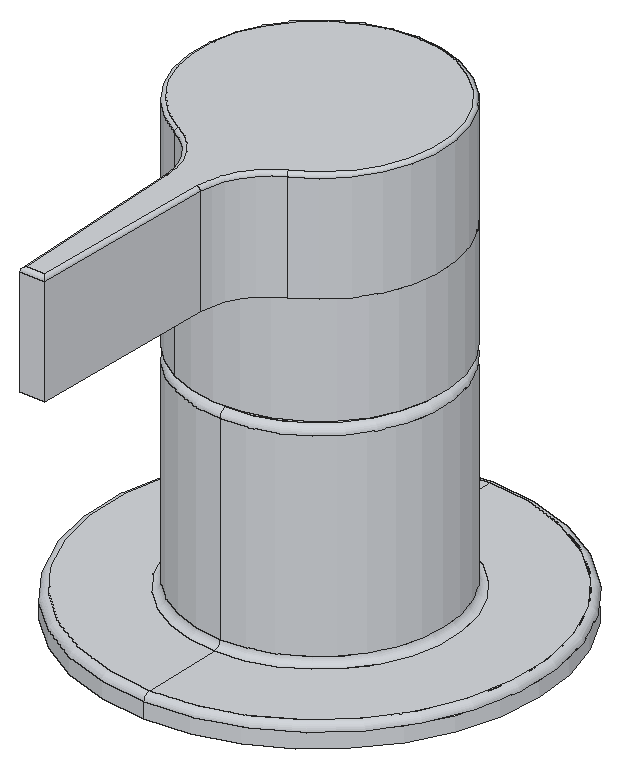
Revit family "Shower-Valve_Trim-KOHLER-TAUT-K-T97098BR", category Specialty Equipment, host Face, Revit 2021
Family settings
  Host = Face
  Round Connector Dimension = Use Diameter
  Part Type = Normal
  OmniClass Number = 23.31.25.00
  OmniClass Title = Toilet and Bath Specialties
  Cut with Voids When Loaded = No
  Shared = No
  Room Calculation Point = No
Parameters (values of type "CP-Polished Chorme")
  Width = 2 93/256"  # constant formula
  WaterSense Certified = 1 = 0  # no
  URL = "https://br.kohler.com/"
  Type = 1
  Product Page URL = ""
  Product Name = "TAUT"  # constant formula
  Product Documentation Link = ""
  Model = if(Type = 1, "K-T97098BR-4-CP", if(Type = 2, "K-T97098BR-4-BN", if(Type = 3, "K-T97098BR-4-BL", if(Type = 4, "K-939BR-G-RGD", if(Type = 5, "K-939BR-G-2MB", "NA")))))  # "K-T97098BR-4-CP"
  Material = "Premium Metal Construction"  # constant formula
  Master Format 2014 Name = "Toilet, Bath, and Laundry Accessories"  # constant formula
  Master Format 2014 = "10 28 00"  # constant formula
  Manufacturer Address = "Taut Shut Off / Gate Valve Trim"  # constant formula
  Manufacturer = "Kohler Co."  # constant formula
  Length = 2 123/256"  # constant formula
  Height = 2.3622"  # constant formula
  Handle Clearance = 1.92913"  # constant formula
  Finish = Kohler-Metal-CP-Polished_Chrome
  Environmental Product Declaration = ""
  Description = "Finish for pressure/drawer records"  # constant formula
  Default Elevation = 42"
  Declare Label = ""
  Date Modified = "12/20/2024"  # constant formula
  Date Created = "1/22/2021"  # constant formula
  Copyright = "Copyright Kohler Co."  # constant formula
  Contact Us = "https://br.kohler.com/asr-listing"
  Assembly Code = "C1030200"
  ADA Compliant = 1 = 0  # no
Types (6): name | Type | Model | Finish
  (no name) | 1 | "K-T97098BR-4-CP" | Kohler-Metal-CP-Polished_Chrome
  CP-Polished Chorme | 1 | "K-T97098BR-4-CP" | Kohler-Metal-CP-Polished_Chrome
  2MB-Vibrant Brushed Moderne Brass | 5 | "K-939BR-G-2MB" | Kohler-Metal-2MB-Vibrant_Brushed_Moderne_Brass
  BN-Vibrant Brushed Nickel | 2 | "K-T97098BR-4-BN" | Kohler-Metal-BN-Vibrant_Brushed_Nickel
  BL-Matte Black | 3 | "K-T97098BR-4-BL" | Kohler-Metal-BL-Matte_Black
  RGD-Polished Rose Gold | 4 | "K-939BR-G-RGD" | Kohler-Metal-RGD-Polished_Rose_Gold
Reference planes (in)
  plane 1 "Center (Front/Back)": y = 0
  plane 2: z = 0
  plane 3 "Center (Left/Right)": x = 0
  plane 4: x = 1.1811
  plane 5: x = -1.18218
  plane 6: y = 1.18024
  plane 7: y = -1.18196
  plane 8: y = -1.92913
  plane 9: z = 2.48047
  plane 10: z = 0.11811
Dimensions and locks (in)
  "Width": plane 5 to plane 4
  "Height": plane 7 to plane 6
  "Length": level to plane 9
  "Handle Clearance": plane 1 "Center (Front/Back)" to plane 8
  aligned and locked: plane 2 to host face
  aligned and locked: level to host face
Automatic sketch dimensions
  host sketch curve to host sketch curve = 96"  (x2)
Nested families (in)
  nested 1: "K-T97098BR" at (0, 0, 0), type "K-T97098BR"
Definition of nested family "K-T97098BR"
  Parameters (values of type "K-T97098BR")
    Material = none
    Default Elevation = 0"
  Reference planes (in)
    plane 1 "Center (Front/Back)": y = 0
    plane 2: z = 0
    plane 3 "Center (Left/Right)": x = 0
    plane 4: x = -1.1811
    plane 5: x = 1.1811
    plane 6: y = 1.1811
    plane 7: y = -1.1811
    plane 8: y = -1.92913
    plane 9: z = 2.48031
    plane 10: y = 0.66923
  Forms (in)
    Revolve 1, solid, material <- "Material", detail levels medium+fine
      sketch origin (0, 0, 0) x (0, 1, 0) y (0, 0, 1)
        loop
          line (0, 0) -> (1.1811, 0) -> (1.1811, 0.07874)
          arc (1.1811, 0.07874) -> (1.16957, 0.10658) -> (1.14173, 0.11811) r 0.03937
          line (1.14173, 0.11811) -> (0.7086, 0.11811)
          arc (0.7086, 0.11811) -> (0.68076, 0.12964) -> (0.66923, 0.15748) r 0.03937
          line (0.66923, 0.15748) -> (0.66923, 1.22047)
          arc (0.66923, 1.22047) -> (0.6577, 1.24831) -> (0.62986, 1.25984) r 0.03937
          line (0.62986, 1.25984) -> (0.59049, 1.25984) -> (0.59049, 1.29102) -> (0, 1.29102) -> (0, 0)
        axis (0, 1.29102) -> (0, 0)
      angle from 0 to 360
    Extrusion 2, solid, material <- "Material", detail levels medium+fine
      sketch origin (0, 0, 0) x (1, 0, 0) y (0, 1, 0)
        loop
          line (-0.0176, -1.87992) -> (0.0176, -1.87992) -> (0.04481, -0.92397)
          arc (0.04481, -0.92397) -> (0.11165, -0.70489) -> (0.28089, -0.55053) r 0.43307
          arc (0.28089, -0.55053) -> (0, 0.61805) -> (-0.28089, -0.55053) r 0.61805
          arc (-0.28089, -0.55053) -> (-0.11165, -0.70489) -> (-0.04481, -0.92397) r 0.43307
          line (-0.04481, -0.92397) -> (-0.0176, -1.87992)
      from 1.88043 to 2.48031
    Sweep 3, solid, material <- "Material", detail levels medium+fine
      path in 3D
        loop
          arc (0.28089, -0.55053, 2.48031) -> (0.11165, -0.70489, 2.48031) -> (0.04481, -0.92397, 2.48031) r 0.43307
          line (0.04481, -0.92397, 2.48031) -> (0.0176, -1.87992, 2.48031) -> (-0.0176, -1.87992, 2.48031) -> (-0.04481, -0.92397, 2.48031)
          arc (-0.04481, -0.92397, 2.48031) -> (-0.11165, -0.70489, 2.48031) -> (-0.28089, -0.55053, 2.48031) r 0.43307
          arc (-0.28089, -0.55053, 2.48031) -> (0, 0.61805, 2.48031) -> (0.28089, -0.55053, 2.48031) r 0.61805
      profile origin (0, 0.61805, 2.48031) x (0, 1, 0) y (0, 0, 1)
        loop
          line (0, 0) -> (0, -0.59988) -> (0.05118, -0.59988) -> (0.05118, -0.02008)
          arc (0.05118, -0.02008) -> (0.0453, -0.00588) -> (0.0311, 0) r 0.02008
          line (0.0311, 0) -> (0, 0)
    Revolve 4, solid, detail levels medium+fine
      sketch origin (0, 0, 0) x (0, 1, 0) y (0, 0, 1)
        loop
          line (0.67295, 1.79024) -> (0.67295, 1.91973)
          arc (0.67295, 1.91973) -> (0.66668, 1.93487) -> (0.65155, 1.94113) r 0.0214
          line (0.65155, 1.94113) -> (0.59972, 1.94113) -> (0.59972, 1.79024) -> (0.67295, 1.79024)
        axis (0.59972, 1.79024) -> (0.67295, 1.79024)
      angle from 0 to 360
    Extrusion 5, solid, material <- "Material", detail levels medium+fine
      sketch origin (0, 0, 0) x (1, 0, 0) y (0, 1, 0)
        loop
          circle (0, 0) r 0.66923
      from 1.29102 to 1.88043
    Revolve 6, solid, material <- "Material", detail levels coarse
      sketch origin (0, 0, 0) x (0, 1, 0) y (0, 0, 1)
        loop
          line (0, 0) -> (0, 0.11811) -> (0, 2.48031) -> (-0.67174, 2.48031) -> (-0.67174, 0.11811) -> (-1.1811, 0.11811) -> (-1.1811, 0) -> (0, 0)
        axis (0, 0) -> (0, 2.48031)
      angle from 0 to 360
    Extrusion 7, solid, material <- "Material", detail levels coarse
      sketch origin (0, 0, 0) x (0, 1, 0) y (0, 0, 1)
        loop
          line (-1.9311, 1.88043) -> (-0.13065, 1.88043) -> (-0.13065, 2.48031) -> (-1.9311, 2.48031) -> (-1.9311, 1.88043)
      from -0.11811 to 0.11811
  Cuts and joins
    joined: Revolve 1, Extrusion 2, Sweep 3, Extrusion 5
    joined: Revolve 6, Extrusion 7
  Lines and regions (in)
    Masking region 1
      outline origin (0, 0, 0) x (1, 0, 0) y (0, 1, 0)
        loop
          arc (0.08879, -1.17776) -> (0, 1.1811) -> (-0.08879, -1.17776) r 1.1811
          line (-0.08879, -1.17776) -> (-0.06805, -1.90618)
          arc (-0.06805, -1.90618) -> (-0.06091, -1.92245) -> (-0.04444, -1.92913) r 0.02362
          line (-0.04444, -1.92913) -> (0.04554, -1.92913)
          arc (0.04554, -1.92913) -> (0.06122, -1.92277) -> (0.06802, -1.90728) r 0.02249
          line (0.06802, -1.90728) -> (0.08879, -1.17776)
    Masking region 2
      outline origin (0, 0, 0) x (1, 0, 0) y (0, 0, 1)
        loop
          line (-0.7086, 0.11811) -> (-1.14173, 0.11811)
          arc (-1.14173, 0.11811) -> (-1.16957, 0.10658) -> (-1.1811, 0.07874) r 0.03937
          line (-1.1811, 0.07874) -> (-1.1811, 0) -> (1.1811, 0) -> (1.1811, 0.07874)
          arc (1.1811, 0.07874) -> (1.16957, 0.10658) -> (1.14173, 0.11811) r 0.03937
          line (1.14173, 0.11811) -> (0.7086, 0.11811)
          arc (0.7086, 0.11811) -> (0.68076, 0.12964) -> (0.66923, 0.15748) r 0.03937
          line (0.66923, 0.15748) -> (0.66923, 1.22047)
          arc (0.66923, 1.22047) -> (0.6577, 1.24831) -> (0.62986, 1.25984) r 0.03937
          line (0.62986, 1.25984) -> (0.59049, 1.25984) -> (0.59049, 1.29102) -> (0.66923, 1.29102) -> (0.66923, 2.45669)
          arc (0.66923, 2.45669) -> (0.66231, 2.4734) -> (0.64561, 2.48031) r 0.02362
          line (0.64561, 2.48031) -> (-0.64561, 2.48031)
          arc (-0.64561, 2.48031) -> (-0.66231, 2.4734) -> (-0.66923, 2.45669) r 0.02362
          line (-0.66923, 2.45669) -> (-0.66923, 1.29102) -> (-0.59049, 1.29102) -> (-0.59049, 1.25984) -> (-0.62986, 1.25984)
          arc (-0.62986, 1.25984) -> (-0.6577, 1.24831) -> (-0.66923, 1.22047) r 0.03937
          line (-0.66923, 1.22047) -> (-0.66923, 0.15748)
          arc (-0.66923, 0.15748) -> (-0.68076, 0.12964) -> (-0.7086, 0.11811) r 0.03937
    Masking region 3
      outline origin (0, 0, 0) x (0, 1, 0) y (0, 0, 1)
        loop
          arc (0.7086, 0.11811) -> (0.68076, 0.12964) -> (0.66923, 0.15748) r 0.03937
          line (0.66923, 0.15748) -> (0.66923, 1.22047)
          arc (0.66923, 1.22047) -> (0.6577, 1.24831) -> (0.62986, 1.25984) r 0.03937
          line (0.62986, 1.25984) -> (0.59049, 1.25984) -> (0.59049, 1.29102) -> (0.66923, 1.29102) -> (0.66923, 1.62923)
          arc (0.66923, 1.62923) -> (0.67202, 1.64462) -> (0.67296, 1.66024) r 0.13084
          line (0.67296, 1.66024) -> (0.67296, 1.91957)
          arc (0.67296, 1.91957) -> (0.67202, 1.93676) -> (0.66923, 1.95376) r 0.15863
          line (0.66923, 1.95376) -> (0.66923, 2.46024)
          arc (0.66923, 2.46024) -> (0.66335, 2.47443) -> (0.64915, 2.48031) r 0.02008
          line (0.64915, 2.48031) -> (-1.90906, 2.48031)
          arc (-1.90906, 2.48031) -> (-1.92325, 2.47443) -> (-1.92913, 2.46024) r 0.02008
          line (-1.92913, 2.46024) -> (-1.92913, 1.8804) -> (-0.70414, 1.85902)
          arc (-0.70414, 1.85902) -> (-0.67942, 1.84839) -> (-0.66923, 1.82349) r 0.03553
          line (-0.66923, 1.82349) -> (-0.66923, 1.29102) -> (-0.59049, 1.29102) -> (-0.59049, 1.25984) -> (-0.62986, 1.25984)
          arc (-0.62986, 1.25984) -> (-0.6577, 1.24831) -> (-0.66923, 1.22047) r 0.03937
          line (-0.66923, 1.22047) -> (-0.66923, 0.15748)
          arc (-0.66923, 0.15748) -> (-0.68076, 0.12964) -> (-0.7086, 0.11811) r 0.03937
          line (-0.7086, 0.11811) -> (-1.14173, 0.11811)
          arc (-1.14173, 0.11811) -> (-1.16957, 0.10658) -> (-1.1811, 0.07874) r 0.03937
          line (-1.1811, 0.07874) -> (-1.1811, 0) -> (1.1811, 0) -> (1.1811, 0.07874)
          arc (1.1811, 0.07874) -> (1.16957, 0.10658) -> (1.14173, 0.11811) r 0.03937
          line (1.14173, 0.11811) -> (0.7086, 0.11811)
    sketch lines
      curve 1: arc (-0.28089, -0.55053, 2.48031) -> (0, 0.61805, 2.48031) -> (0.28089, -0.55053, 2.48031) r 0.61805
      curve 2: arc (0.28089, -0.55053, 2.48031) -> (0.11165, -0.70489, 2.48031) -> (0.04481, -0.92397, 2.48031) r 0.43307
      curve 3: line (0.0176, -1.87992, 2.48031) -> (0.04481, -0.92397, 2.48031)
      curve 4: line (-0.0176, -1.87992, 2.48031) -> (0.0176, -1.87992, 2.48031)
      curve 5: line (-0.04481, -0.92397, 2.48031) -> (-0.0176, -1.87992, 2.48031)
      curve 6: arc (-0.04481, -0.92397, 2.48031) -> (-0.11165, -0.70489, 2.48031) -> (-0.28089, -0.55053, 2.48031) r 0.43307
    symbolic lines, detail levels medium+fine
      curve 7: arc (0.30415, -0.59612, 0) -> (0.15491, -0.73223, 0) -> (0.09597, -0.92543, 0) r 0.38189
      curve 8: line (0.08276, -1.38953, 0) -> (0.09597, -0.92543, 0)
      curve 9: line (-0.09597, -0.92543, 0) -> (-0.08224, -1.40794, 0)
      curve 10: arc (-0.09597, -0.92543, 0) -> (-0.15491, -0.73223, 0) -> (-0.30415, -0.59612, 0) r 0.38189
      curve 11: arc (-0.15129, 0.65191, 0) -> (-0.66427, 0.08136, 0) -> (-0.30415, -0.59612, 0) r 0.66923
      curve 12: line (-0.12944, 0.67295, 0) -> (0.12944, 0.67295, 0)
      curve 13: arc (-0.15129, 0.65191, 0) -> (-0.14461, 0.66683, 0) -> (-0.12944, 0.67295, 0) r 0.02186
      curve 14: arc (0.15129, 0.65191, 0) -> (0.66427, 0.08136, 0) -> (0.30415, -0.59612, 0) r 0.66923
      curve 15: arc (0.15129, 0.65191, 0) -> (0.14461, 0.66683, 0) -> (0.12944, 0.67295, 0) r 0.02186
      curve 16: arc (-0.15129, 0.65191, 0) -> (0, 0.66923, 0) -> (0.15129, 0.65191, 0) r 0.66923
      curve 17: arc (0.08992, -1.13819, 0) -> (0, 1.14173, 0) -> (-0.08992, -1.13819, 0) r 1.14173
      curve 18: arc (0.29341, -0.57508, 0) -> (0, 0.64561, 0) -> (-0.29341, -0.57508, 0) r 0.64561
      curve 19: arc (-0.29341, -0.57508, 0) -> (-0.13494, -0.71961, 0) -> (-0.07236, -0.92476, 0) r 0.40551
      curve 20: line (-0.07236, -0.92476, 0) -> (-0.05863, -1.40727, 0)
      curve 21: line (-0.06518, -1.17709, 0) -> (-0.04377, -1.92913, 0)
      curve 22: line (0.04377, -1.92913, 0) -> (0.06518, -1.17709, 0)
      curve 23: line (0.05915, -1.38886, 0) -> (0.07236, -0.92476, 0)
      curve 24: arc (0.07236, -0.92476, 0) -> (0.13494, -0.71961, 0) -> (0.29341, -0.57508, 0) r 0.40551
      curve 25: line (-0.06805, -1.90618, 0) -> (0.06805, -1.90618, 0)
      curve 26: line (-0.66923, 0, 1.29102) -> (0.66923, 0, 1.29102)
      curve 27: line (-0.59049, 0, 1.25984) -> (0.59061, 0, 1.25984)
      curve 28: line (-0.66923, 0, 1.22047) -> (0.66923, 0, 1.22047)
      curve 29: line (-0.84301, 0, 0.11811) -> (0.92517, 0, 0.11811)
      curve 30: line (-0.66923, 0, 0.15748) -> (0.66923, 0, 0.15748)
      curve 31: line (-1.1811, 0, 0.07874) -> (1.1811, 0, 0.07874)
      curve 32: line (-0.66923, 0, 2.45669) -> (0.66923, 0, 2.45669)
      curve 33: line (0, 0.66923, 2.46024) -> (0, -1.92913, 2.46024)
      curve 34: line (0, -1.90906, 2.48031) -> (0, -1.90906, 1.88043)
      curve 35: line (0, -0.70414, 1.85902) -> (0, -0.50729, 1.85902)
      curve 36: arc (0, -0.50729, 1.85902) -> (0, -0.59019, 1.85003) -> (0, -0.66923, 1.82349) r 0.38682
      curve 37: line (0, 0.66923, 1.29102) -> (0, -0.66923, 1.29102)
      curve 38: line (0, 0.59049, 1.25984) -> (0, -0.62986, 1.25984)
      curve 39: line (0, 0.66923, 1.22047) -> (0, -0.66923, 1.22047)
      curve 40: line (0, 0.7086, 0.11811) -> (0, -0.8662, 0.11811)
      curve 41: line (0, 0.66923, 0.15748) -> (0, -0.66923, 0.15748)
      curve 42: line (0, 1.1811, 0.07874) -> (0, -1.1811, 0.07874)
      curve 43: line (0, 0.66923, 1.9791) -> (0, 0.66923, 1.5854)
  Dimensions and locks (in)
    plane 4 to plane 5 = 2.3622"
    plane 6 to plane 7 = 2.3622"
    plane 1 "Center (Front/Back)" to plane 8 = 1.92913"
    plane 9 to level = 2.48031"
    aligned and locked: plane 2 to level
